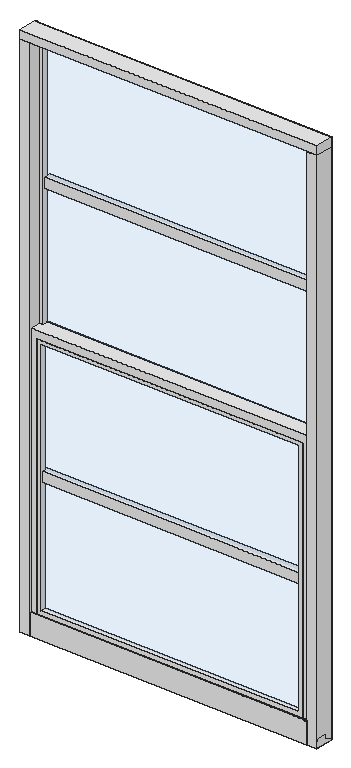
Revit family "Window_Curtain_Wall-Single_Hung-Traco-TR_9700-Heavy_Commercial", category Windows, Revit 2015 (continued)
Definition of nested family "Screen-Exterior-Traco-Half"
  Automatic sketch dimensions
    Masking region 1 sketch curve to plane 12 "Top" = 0' - 0"
    Masking region 3 sketch curve to plane 4 "Bottom" = 0' - 0"  (x2)
    Masking region 3 sketch curve to plane 12 "Top" = 0' - 0"
    curve 17 to plane 4 "Bottom" = 0' - 0"
Definition of nested family "Muntin-Square-Traco-Single"
  Parameters
    Width Top = 0' - 1 1/4"
    Width Base = 0' - 1 1/4"
    URL = "http://www.alcoa.com/traco/en/home.asp"
    Product Page URL = "http://www.alcoa.com/traco/en/product.asp?prod_id=4228"
    Product Documentation Link = "http://www.alcoa.com/traco/en/cad_spec.asp?prod_id=4228&area=prod"
    Material [instance] = none
    Manufacturer = "Traco"  # constant formula
    Length [instance] = 1' - 0"
    Height = 0' - 3"
    Description = "True Muntin"
    Copyright © = "2011 Traco"  # constant formula
  Reference planes (in)
    plane 1 "Center (Front/Back)": y = 0
    plane 2 "Original Bottom": z = 0
    plane 3 "Center (Left/Right)": x = 0
    plane 4 "Left": x = -6
    plane 5 "Right": x = 6
    plane 6 "Back": y = 0.625
    plane 7 "Front": y = -0.625
    plane 8 "Back Inset": y = 0.625
    plane 9 "Front Inset": y = -0.625
    plane 10 "Top": z = 3
    plane 11 "Bottom": z = 0
    plane 12 "Center T/B": z = 1.5
  Forms (in)
    Sweep 1, solid, material <- "Material", detail levels medium+fine
      path origin (0, 0, 0) x (0, -1, 0) y (1, 0, 0)
        loop
          line (0, 6) -> (0, -6)
      profile origin (0, 0, 0) x (0, -1, 0) y (0, 0, 1)
        loop
          line (0.625, 0) -> (0.625, 3) -> (-0.625, 3) -> (-0.625, 0) -> (0.625, 0)
  Lines and regions (in)
    Masking region 1, detail levels medium+fine
      outline origin (0, 0, 0) x (0, 1, 0) y (0, 0, 1)
        loop
          line (0.625, 0) -> (0.625, 3) -> (-0.625, 3) -> (-0.625, 0) -> (0.625, 0)
    Masking region 2, detail levels medium+fine
      outline origin (0, 0, 0) x (1, 0, 0) y (0, 1, 0)
        loop
          line (6, -0.625) -> (6, 0.625) -> (-6, 0.625) -> (-6, -0.625) -> (6, -0.625)
    Masking region 3, detail levels medium+fine
      outline origin (0, 0, 0) x (1, 0, 0) y (0, 0, 1)
        loop
          line (6, 0) -> (6, 3) -> (-6, 3) -> (-6, 0) -> (6, 0)
    symbolic lines, detail levels coarse
      curve 1: line (0, 0, 0) -> (0, 0, 3)
      curve 2: line (-6, 0, 0) -> (6, 0, 0)
      curve 3: line (-6, 0, 0) -> (-6, 0, 3)
      curve 4: line (-6, 0, 3) -> (6, 0, 3)
      curve 5: line (6, 0, 3) -> (6, 0, 0)
    model lines, detail levels coarse
      curve 6: line (-6, 0, 0) -> (6, 0, 0)
  Dimensions and locks (in)
    equal spacing: plane 4 "Left", plane 3 "Center (Left/Right)", plane 5 "Right"
    "Length": plane 4 "Left" to plane 5 "Right"
    equal spacing: plane 6 "Back", plane 1 "Center (Front/Back)", plane 7 "Front"
    "Width Base": plane 7 "Front" to plane 6 "Back"
    equal spacing: plane 8 "Back Inset", plane 1 "Center (Front/Back)", plane 9 "Front Inset"
    "Width Top": plane 9 "Front Inset" to plane 8 "Back Inset"
    locked: plane 11 "Bottom" to plane 2 "Original Bottom" at 0
    "Height": plane 10 "Top" to plane 11 "Bottom"
    equal spacing: plane 10 "Top", plane 12 "Center T/B", plane 11 "Bottom"
    aligned and locked: plane 2 "Original Bottom" to level
    aligned and locked: plane 4 "Left" to Sweep 1 sketch curve
    aligned and locked: Sweep 1 sketch curve to plane 1 "Center (Front/Back)"
    aligned and locked: plane 5 "Right" to Sweep 1 sketch curve
    aligned and locked: plane 7 "Front" to Sweep 1 sketch curve
    aligned and locked: plane 11 "Bottom" to Sweep 1 sketch curve  (x2)
    aligned and locked: plane 6 "Back" to Sweep 1 sketch curve
    aligned and locked: plane 10 "Top" to Sweep 1 sketch curve
    aligned and locked: plane 8 "Back Inset" to Sweep 1 sketch curve
    aligned and locked: plane 9 "Front Inset" to Sweep 1 sketch curve
    aligned and locked: Sweep 1 sketch curve to plane 10 "Top"
    aligned and locked: Masking region 1 sketch curve to plane 11 "Bottom"
    aligned and locked: plane 10 "Top" to Masking region 1 sketch curve
    aligned and locked: plane 8 "Back Inset" to Masking region 1 sketch curve
    aligned and locked: plane 9 "Front Inset" to Masking region 1 sketch curve
    aligned and locked: plane 7 "Front" to Masking region 1 sketch curve
    aligned and locked: plane 6 "Back" to Masking region 1 sketch curve
    aligned and locked: curve 1 to plane 1 "Center (Front/Back)"
    aligned and locked: plane 11 "Bottom" to curve 1
    aligned and locked: plane 10 "Top" to curve 1
    aligned and locked: plane 4 "Left" to curve 2
    aligned and locked: plane 5 "Right" to curve 2
    aligned and locked: plane 1 "Center (Front/Back)" to curve 2
    aligned and locked: Masking region 2 sketch curve to plane 4 "Left"
    aligned and locked: Masking region 2 sketch curve to plane 5 "Right"
    aligned and locked: Masking region 2 sketch curve to plane 6 "Back"
    aligned and locked: Masking region 2 sketch curve to plane 7 "Front"
    aligned and locked: Masking region 3 sketch curve to plane 4 "Left"
    aligned and locked: Masking region 3 sketch curve to plane 5 "Right"
    aligned and locked: plane 11 "Bottom" to Masking region 3 sketch curve
    aligned and locked: Masking region 3 sketch curve to plane 10 "Top"
    aligned and locked: plane 11 "Bottom" to curve 3
    aligned and locked: plane 11 "Bottom" to curve 5
    aligned and locked: curve 5 to plane 5 "Right"
    aligned and locked: curve 3 to plane 4 "Left"
    aligned and locked: curve 4 to plane 10 "Top"
    aligned and locked: plane 5 "Right" to curve 6
    aligned and locked: plane 4 "Left" to curve 6
    aligned and locked: plane 1 "Center (Front/Back)" to curve 6
Definition of nested family "Muntin-Grid-Traco-Lites"
  Parameters
    URL = "http://www.alcoa.com/traco/en/home.asp"
    Sash Height [instance] = 4' - 0"
    Muntin Vertical Count = if((Lite Vertical Count - 1) < 2, 2, (Lite Vertical Count - 1))  # 2
    Muntin Type = Muntin-Trapezoid-Traco-Single : H-081
    Muntin Horizontal Count = if((Lite Horizontal Count - 1) < 2, 2, (Lite Horizontal Count - 1))  # 2
    Material [instance] = none
    Manufacturer = "Traco"  # constant formula
    Lite Vertical Count = 3
    Lite Horizontal Count = 3
    Length [instance] = 4' - 0"
    Has True Muntins = no
    Has Interior Muntins = no
    Has Exterior Muntins = yes
    Glazing Thickness [instance] = 0' - 0 7/8"
    Default Elevation = 4' - 0"
    Copyright © = "2011 Traco"  # constant formula
    CTRL Muntin Vertical Distance [instance] = Sash Height / (Lite Vertical Count)  # 1' - 4"
    CTRL Muntin Horizontal Distance [instance] = Length / (Lite Horizontal Count)  # 1' - 4"
    CTRL Face Offset [instance] = if(Has Interior Muntins, 0' 0 1/4", if(Has Exterior Muntins, Glazing Thickness, Glazing Thickness / 2))  # 0' - 0 7/8"
    CTRL Bar Vertical Visibility [instance] = Lite Vertical Count = 2  # no
    CTRL Bar Horizontal Visibility [instance] = Lite Horizontal Count = 2  # no
    CTRL Array Vertical Visibility [instance] = Lite Vertical Count > 2  # yes
    CTRL Array Horizontal Visibility [instance] = Lite Horizontal Count > 2  # yes
    Assembly Code = "B2020110"
  Reference planes (in)
    plane 1 "Center (Front/Back)": y = 0
    plane 2 "Original  Bottom": z = 0
    plane 3 "Center (Left/Right)": x = 0
    plane 4 "Left": x = -24
    plane 5 "Right": x = 24
    plane 6 "Bottom": z = 0.4375
    plane 7 "Glass Top": z = 0.4375
    plane 8 "Glass Bottom": z = -0.4375
    plane 9 "Back": y = 24
    plane 10 "Front": y = -24
    plane 11 "Bar 1 Vertical": y = -8
    plane 12 "Bar Last Vertical": y = 8
    plane 13 "Bar Last Horizontal": x = 8
    plane 14 "Bar 1 Horizontal": x = -8
  Forms (in)
    Extrusion 1, solid
      sketch origin (0, 0, 0) x (1, 0, 0) y (0, 1, 0)
        loop
          line (-48, 48) -> (-48, -48) -> (48, -48) -> (48, 48) -> (-48, 48)
      from 0 to -12
  Dimensions and locks (in)
    equal spacing: plane 4 "Left", plane 3 "Center (Left/Right)", plane 5 "Right"
    "Length": plane 4 "Left" to plane 5 "Right"
    "Glazing Thickness": plane 7 "Glass Top" to plane 8 "Glass Bottom"
    equal spacing: plane 9 "Back", plane 1 "Center (Front/Back)", plane 10 "Front"
    "Sash Height": plane 10 "Front" to plane 9 "Back"
    "CTRL Muntin Vertical Distance": plane 10 "Front" to plane 11 "Bar 1 Vertical"
    "CTRL Muntin Vertical Distance": plane 12 "Bar Last Vertical" to plane 9 "Back"
    "CTRL Muntin Horizontal Distance": plane 4 "Left" to plane 14 "Bar 1 Horizontal"
    "CTRL Muntin Horizontal Distance": plane 13 "Bar Last Horizontal" to plane 5 "Right"
    equal spacing: plane 7 "Glass Top", plane 2 "Original  Bottom", plane 8 "Glass Bottom"
    group 1 to group 2 = 0' - 0"  (x2)
    group 1 to group 2 = 1' - 4"
    group 3 to group 4 = 1' - 4"
    group 3 to group 4 = 0' - 0"  (x2)
    "CTRL Face Offset": plane 6 "Bottom" to plane 8 "Glass Bottom"
    aligned and locked: plane 2 "Original  Bottom" to Extrusion 1
    aligned and locked: level to Extrusion 1
    aligned and locked: plane 6 "Bottom" to nested 1
    aligned and locked: plane 6 "Bottom" to nested 3
    aligned and locked: plane 6 "Bottom" to nested 2
    aligned and locked: plane 6 "Bottom" to nested 4
    aligned and locked: nested 3 to plane 11 "Bar 1 Vertical"
    aligned and locked: nested 4 to plane 14 "Bar 1 Horizontal"
    aligned and locked: nested 3 to plane 3 "Center (Left/Right)"
    aligned and locked: plane 1 "Center (Front/Back)" to nested 4
    aligned and locked: plane 3 "Center (Left/Right)" to nested 2
    aligned and locked: nested 2 to plane 1 "Center (Front/Back)"
    aligned and locked: plane 1 "Center (Front/Back)" to nested 1
    aligned and locked: plane 3 "Center (Left/Right)" to nested 1
    aligned and locked: nested 5 to plane 3 "Center (Left/Right)"
    aligned and locked: plane 1 "Center (Front/Back)" to nested 6
    aligned and locked: plane 6 "Bottom" to nested 6
    aligned and locked: nested 5 to plane 12 "Bar Last Vertical"
    aligned and locked: nested 6 to plane 13 "Bar Last Horizontal"
    aligned and locked: plane 6 "Bottom" to nested 5
  Automatic sketch dimensions
    Extrusion 1 sketch curve to Extrusion 1 sketch curve = 8' - 0"  (x2)
  Nested families (in)
    nested 1: "Muntin-Trapezoid-Traco-Single" at (0, 0, 0.4375), Length <- "Length", visible <- "CTRL Bar Vertical Visibility", type <- "Muntin Type", Material <- "Material", type "H-081"
      with Material none, Length 4' - 0"
    nested 2: "Muntin-Trapezoid-Traco-Single" at (0, 0, 0.4375) x (0, 1, 0) z (0, 0, 1), Length <- "Sash Height", visible <- "CTRL Bar Horizontal Visibility", type <- "Muntin Type", Material <- "Material", type "H-081"
      with Material none, Length 4' - 0"
    nested 3: "Muntin-Trapezoid-Traco-Single" at (0, -8, 0.4375) x (-1, 0, 0) z (0, 0, 1), Length <- "Length", visible <- "CTRL Array Horizontal Visibility", type <- "Muntin Type", Material <- "Material", type "H-081"
      with Material none, Length 4' - 0"
    nested 4: "Muntin-Trapezoid-Traco-Single" at (-8, 0, 0.4375) x (0, -1, 0) z (0, 0, 1), Length <- "Sash Height", visible <- "CTRL Array Horizontal Visibility", type <- "Muntin Type", Material <- "Material", type "H-081"
      with Material none, Length 4' - 0"
    nested 5: "Muntin-Trapezoid-Traco-Single" at (0, 8, 0.4375) x (-1, 0, 0) z (0, 0, 1), Length <- "Length", visible <- "CTRL Array Horizontal Visibility", type <- "Muntin Type", Material <- "Material", type "H-081"
      with Material none, Length 4' - 0"
    nested 6: "Muntin-Trapezoid-Traco-Single" at (8, 0, 0.4375) x (0, -1, 0) z (0, 0, 1), Length <- "Sash Height", visible <- "CTRL Array Horizontal Visibility", type <- "Muntin Type", Material <- "Material", type "H-081"
      with Material none, Length 4' - 0"
  Definition of nested family "Muntin-Trapezoid-Traco-Single"
    Parameters
      Width Top = 0' - 0 7/16"
      Width Base = 0' - 1"
      URL = "http://www.alcoa.com/traco/en/home.asp"
      Product Page URL = "http://www.alcoa.com/traco/en/product.asp?prod_id=4228"
      Product Documentation Link = "http://www.alcoa.com/traco/en/cad_spec.asp?prod_id=4228&area=prod"
      Material [instance] = none
      Manufacturer = "Traco"  # constant formula
      Length [instance] = 1' - 0"
      Height = 0' - 0 5/8"
      Description = "Trapezoidal Profile"
      Copyright © = "2011 Traco"  # constant formula
    Reference planes (in)
      plane 1 "Center (Front/Back)": y = 0
      plane 2 "Original Bottom": z = 0
      plane 3 "Center (Left/Right)": x = 0
      plane 4 "Left": x = -6
      plane 5 "Right": x = 6
      plane 6 "Back": y = 0.5
      plane 7 "Front": y = -0.5
      plane 8 "Back Inset": y = 0.21875
      plane 9 "Front Inset": y = -0.21875
      plane 10 "Top": z = 0.625
      plane 11 "Bottom": z = 0
    Forms (in)
      Sweep 1, solid, material <- "Material", detail levels medium+fine
        path origin (0, 0, 0) x (0, -1, 0) y (1, 0, 0)
          loop
            line (0, 6) -> (0, -6)
        profile origin (0, 0, 0) x (0, -1, 0) y (0, 0, 1)
          loop
            line (0.5, 0) -> (0.21875, 0.625) -> (-0.21875, 0.625) -> (-0.5, 0) -> (0.5, 0)
    Lines and regions (in)
      Masking region 1, detail levels medium+fine
        outline origin (0, 0, 0) x (0, 1, 0) y (0, 0, 1)
          loop
            line (0.5, 0) -> (0.21875, 0.625) -> (-0.21875, 0.625) -> (-0.5, 0) -> (0.5, 0)
      Masking region 2, detail levels medium+fine
        outline origin (0, 0, 0) x (1, 0, 0) y (0, 1, 0)
          loop
            line (6, -0.5) -> (6, 0.5) -> (-6, 0.5) -> (-6, -0.5) -> (6, -0.5)
      Masking region 3, detail levels medium+fine
        outline origin (0, 0, 0) x (1, 0, 0) y (0, 0, 1)
          loop
            line (6, 0) -> (6, 0.625) -> (-6, 0.625) -> (-6, 0) -> (6, 0)
      symbolic lines, detail levels coarse
        curve 1: line (0, 0, 0) -> (0, 0, 0.625)
        curve 2: line (-6, 0, 0) -> (6, 0, 0)
        curve 3: line (-6, 0, 0) -> (-6, 0, 0.625)
        curve 4: line (-6, 0, 0.625) -> (6, 0, 0.625)
        curve 5: line (6, 0, 0.625) -> (6, 0, 0)
      model lines, detail levels coarse
        curve 6: line (-6, 0, 0) -> (6, 0, 0)
    Dimensions and locks (in)
      equal spacing: plane 4 "Left", plane 3 "Center (Left/Right)", plane 5 "Right"
      "Length": plane 4 "Left" to plane 5 "Right"
      equal spacing: plane 6 "Back", plane 1 "Center (Front/Back)", plane 7 "Front"
      "Width Base": plane 7 "Front" to plane 6 "Back"
      equal spacing: plane 8 "Back Inset", plane 1 "Center (Front/Back)", plane 9 "Front Inset"
      "Width Top": plane 9 "Front Inset" to plane 8 "Back Inset"
      locked: plane 11 "Bottom" to plane 2 "Original Bottom" at 0
      "Height": plane 10 "Top" to plane 11 "Bottom"
      aligned and locked: plane 2 "Original Bottom" to level
      aligned and locked: plane 4 "Left" to Sweep 1 sketch curve
      aligned and locked: Sweep 1 sketch curve to plane 1 "Center (Front/Back)"
      aligned and locked: plane 5 "Right" to Sweep 1 sketch curve
      aligned and locked: plane 7 "Front" to Sweep 1 sketch curve
      aligned and locked: plane 11 "Bottom" to Sweep 1 sketch curve  (x2)
      aligned and locked: plane 6 "Back" to Sweep 1 sketch curve
      aligned and locked: plane 10 "Top" to Sweep 1 sketch curve
      aligned and locked: plane 8 "Back Inset" to Sweep 1 sketch curve
      aligned and locked: plane 9 "Front Inset" to Sweep 1 sketch curve
      aligned and locked: Sweep 1 sketch curve to plane 10 "Top"
      aligned and locked: Masking region 1 sketch curve to plane 11 "Bottom"
      aligned and locked: plane 10 "Top" to Masking region 1 sketch curve
      aligned and locked: plane 8 "Back Inset" to Masking region 1 sketch curve
      aligned and locked: plane 9 "Front Inset" to Masking region 1 sketch curve
      aligned and locked: plane 7 "Front" to Masking region 1 sketch curve
      aligned and locked: plane 6 "Back" to Masking region 1 sketch curve
      aligned and locked: curve 1 to plane 1 "Center (Front/Back)"
      aligned and locked: plane 11 "Bottom" to curve 1
      aligned and locked: plane 10 "Top" to curve 1
      aligned and locked: plane 4 "Left" to curve 2
      aligned and locked: plane 5 "Right" to curve 2
      aligned and locked: plane 1 "Center (Front/Back)" to curve 2
      aligned and locked: Masking region 2 sketch curve to plane 4 "Left"
      aligned and locked: Masking region 2 sketch curve to plane 5 "Right"
      aligned and locked: Masking region 2 sketch curve to plane 6 "Back"
      aligned and locked: Masking region 2 sketch curve to plane 7 "Front"
      aligned and locked: Masking region 3 sketch curve to plane 4 "Left"
      aligned and locked: Masking region 3 sketch curve to plane 5 "Right"
      aligned and locked: plane 11 "Bottom" to Masking region 3 sketch curve
      aligned and locked: Masking region 3 sketch curve to plane 10 "Top"
      aligned and locked: plane 11 "Bottom" to curve 3
      aligned and locked: plane 11 "Bottom" to curve 5
      aligned and locked: curve 5 to plane 5 "Right"
      aligned and locked: curve 3 to plane 4 "Left"
      aligned and locked: curve 4 to plane 10 "Top"
      aligned and locked: plane 5 "Right" to curve 6
      aligned and locked: plane 4 "Left" to curve 6
      aligned and locked: plane 1 "Center (Front/Back)" to curve 6
Types (4): name | Window Muntin Type | Type Comments | Product Page URL | Product Documentation Link | Model | Glazing Thickness | Designation
  (no name) | Muntin-Grid-Traco-Lites : Exterior | "Standard" | "http://www.alcoa.com/traco/en/product.asp?cat_id=1905&prod_id=4196" | "http://www.alcoa.com/traco/cad/4196/010_CAD%20Files/010.pdf" | "TR-9700" | 0' - 0 3/4" | "AAMA/WDMA/CSA 101/I.S.2/A-440-05: H-AW50 And AAMA/WDMA/CSA 101/I.S.2/A-440-08: AW-PG50-H"
  TR-9700 - SH | Muntin-Grid-Traco-Lites : Exterior | "Standard" | "http://www.alcoa.com/traco/en/product.asp?cat_id=1905&prod_id=4196" | "http://www.alcoa.com/traco/cad/4196/010_CAD%20Files/010.pdf" | "TR-9700" | 0' - 0 3/4" | "AAMA/WDMA/CSA 101/I.S.2/A-440-05: H-AW50 And AAMA/WDMA/CSA 101/I.S.2/A-440-08: AW-PG50-H"
  TR-9700 - SH - w/Class 5 Balances | Muntin-Grid-Traco-Lites : Exterior | "Jambs for AAMA 902 Class 5 Balances" | "http://www.alcoa.com/traco/en/product.asp?cat_id=1905&prod_id=4193" | "http://www.alcoa.com/traco/cad/4193/010_CAD%20Files/010.pdf" | "TR-9700U" | 0' - 0 3/4" | "AAMA/WDMA/CSA 101/I.S.2/A-440-05: H-AW40 And AAMA/WDMA/CSA 101/I.S.2/A-440-08: AW-PG40-H"
  TR-9700 - SH - Single Glazed | Muntin-Grid-Traco-Lites : True | "Single Glazed" | "http://www.alcoa.com/traco/en/product.asp?cat_id=1905&prod_id=4193" | "http://www.alcoa.com/traco/cad/4193/010_CAD%20Files/010.pdf" | "TR-9700" | 0' - 0 1/4" | "AAMA/WDMA/CSA 101/I.S.2/A-440-05: H-AW50 And AAMA/WDMA/CSA 101/I.S.2/A-440-08: AW-PG50-H"
